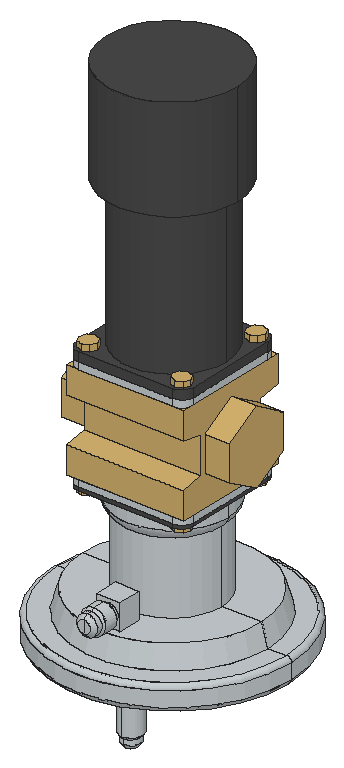
Revit family "AVDA_DN15-25_dP0.1-1.2bar_RFA_2", category Pipe Accessories, Revit 2019
Family settings
  Round Connector Dimension = Use Diameter
  Part Type = Valve - Breaks Into
  OmniClass Number = 23.65.55.14.17
  OmniClass Title = Adjusting/Controlling Valves for Liquid Services
  Work Plane-Based = No
  Always vertical = Yes
  Cut with Voids When Loaded = No
  Shared = No
Parameters (values of type "AVDA_DN15_dP0.1-1.2bar_003N0038")
  symbol circle diameter = 40 mm  # constant formula
  hexagon height = 31.4 mm
  hexagon angle = 120.00°  # constant formula
  hegaxon width = 28 mm
  Weight = 2.11 kg
  W = 102 mm  # constant formula
  Valve Body Material = Danfoss Brass
  URL = "https://store.danfoss.com/en/Climate-Solutions-for-heating/Pressure-and-Flow-Controllers/Safety-Pressure-Controllers/c/4123?q=%3Arelevance%3Adanfoss_producttypehierarchydesc%3Ae2a9a176b8a659bf011386233639c307335c1842&text="
  Pressure Drop [instance] = 0.0 Pa
  Nominal Pressure = "PN 10"  # constant formula
  Model Type = "AVDA_DN15_dP0.1-1.2bar"
  Model = "003N0038"
  Min Medium Temperature = "-25 °C"  # constant formula
  Max Medium Temperature = "130 °C"  # constant formula
  Max Differential Pressure = "7 bar"  # constant formula
  Manufacturer = "Danfoss"  # constant formula
  LOD 350 [instance] = not(LOD 200)  # yes
  LOD 200 [instance] = no
  L = 72 mm
  Kvs = 1.9 m³/h
  IfcExportType = "AVDA"  # constant formula
  IfcExportAs = "IfcValveType"  # constant formula
  H1 = 21.049 mm
  H = H1 + H1 + 96 mm + 114.5 mm  # 252.599 mm
  Flow [instance] = 0.0 m³/h
  Differential Pressure Setting Range = "0.1-1.2 bar"  # constant formula
  Description = "Differential Pressure Relief Controller"  # constant formula
  D = 15 mm
  Connection = "Internal Thread"  # constant formula
Types (4, lengths in mm): name | hexagon height | hegaxon width | Weight | Model Type | Model | L | Kvs | H1 | H | D
  (no name) | 31.4 | 28 | 2.11 kg | "AVDA_DN15_dP0.1-1.2bar" | "003N0038" | 72 | 1.9 m³/h | 21.049 | 252.599 | 15
  AVDA_DN15_dP0.1-1.2bar_003N0038 | 31.4 | 28 | 2.11 kg | "AVDA_DN15_dP0.1-1.2bar" | "003N0038" | 72 | 1.9 m³/h | 21.049 | 252.599 | 15
  AVDA_DN20_dP0.1-1.2bar_003N0039 | 36 | 31.4 | 2.18 kg | "AVDA_DN20_dP0.1-1.2bar" | "003N0039" | 90 | 3.4 m³/h | 21.049 | 252.599 | 20
  AVDA_DN25_dP0.1-1.2bar_003N0040 | 46.2 | 40 | 2.26 kg | "AVDA_DN25_dP0.1-1.2bar" | "003N0040" | 95 | 5.5 m³/h | 25.7 | 261.9 | 25
Reference planes
  plane 1 "Center (Front/Back)": y = 0
  plane 2: z = 0
  plane 3 "Center (Left/Right)": x = 0
  plane 4: x = -36
  plane 5: x = 36
  plane 6: z = 135.5
  plane 7: z = 91.549
  plane 8: x = -25
  plane 9: x = 25
  plane 10 "Sensor right": x = 65.5
  plane 11: z = 26.25
  plane 12: z = 21.049
  plane 13: z = 24.049
  plane 14: z = 27.849
  plane 15: z = 30.35
  plane 16: z = -21.049
  plane 17: z = -23.951
  plane 18: z = -25.451
  plane 19: z = -27.551
  plane 20: z = -90.778
  plane 21: z = -66.451
  plane 22: z = -75.451
  plane 23: z = -85.951
  plane 24: z = -35.488
  plane 25: z = -31.147
  plane 26: z = -98.268
  plane 27: x = -51
  plane 28: x = -32.39
  plane 29: x = -37.644
  plane 30: x = -38.152
  plane 31: x = -41
  plane 32: z = -117.049
  plane 33 "red sweep": z = -61.111
  plane 34 "Front_1": y = -34.2
  plane 35: y = -47.2
  plane 36: y = -22
Forms (mm)
  Extrusion 1, solid, material "Danfoss Brass" <- "Valve Body Material", visible <- "LOD 350", detail levels fine
    sketch origin (0, 0, 0) x (0, 1, 0) y (0, 0, 1)
      loop
        line (-14, 7.617) -> (-14, -7.617) -> (0, -15.7) -> (14, -7.617) -> (14, 7.617) -> (0, 15.7) -> (-14, 7.617)
    from 36 to -36
  Extrusion 2, solid, material "Danfoss Plastic Black", visible <- "LOD 350", detail levels fine
    sketch origin (0, 0, 0) x (1, 0, 0) y (0, 1, 0)
      loop
        circle (0, 0) r 28.018
    from 91.549 to 135.5
  Extrusion 3, solid, material "Danfoss Plastic Black", visible <- "LOD 350", detail levels fine
    sketch origin (0, 0, 0) x (1, 0, 0) y (0, 1, 0)
      loop
        circle (-0.033, 0.634) r 22.8
    from 27.849 to 91.549
  Extrusion 4, solid, material "Danfoss Steel (Zinc Plated)", visible <- "LOD 350", detail levels fine
    sketch origin (0, 0, 0) x (1, 0, 0) y (0, 1, 0)
      loop
        arc (-20, 25) -> (-23.536, 23.536) -> (-25, 20) r 5
        line (-25, 20) -> (-25, -20)
        arc (-25, -20) -> (-23.536, -23.536) -> (-20, -25) r 5
        line (-20, -25) -> (20, -25)
        arc (20, -25) -> (23.536, -23.536) -> (25, -20) r 5
        line (25, -20) -> (25, 20)
        arc (25, 20) -> (23.536, 23.536) -> (20, 25) r 5
        line (20, 25) -> (-20, 25)
    from 21.049 to 24.049
  Extrusion 5, solid, material "Danfoss Brass" <- "Valve Body Material", visible <- "LOD 350", detail levels fine
    sketch origin (0, 0, 0) x (0, 1, 0) y (0, 0, 1)
      loop
        line (-25, 21.049) -> (-25, 9.554) -> (-15.75, 7.923) -> (-15.75, -7.869) -> (-25.002, -9.5) -> (-25.002, -21.049) -> (25.002, -21.049) -> (25.002, -9.504) -> (15.75, -7.872) -> (15.75, 7.923) -> (25, 9.554) -> (25, 21.049) -> (-25, 21.049)
    from -25 to 25
  Extrusion 6, solid, material "Danfoss Steel (Zinc Plated)", visible <- "LOD 350", detail levels fine
    sketch origin (0, 0, 0) x (1, 0, 0) y (0, 1, 0)
      loop
        arc (-20, 25) -> (-23.536, 23.536) -> (-25, 20) r 5
        line (-25, 20) -> (-25, -20)
        arc (-25, -20) -> (-23.536, -23.536) -> (-20, -25) r 5
        line (-20, -25) -> (20, -25)
        arc (20, -25) -> (23.536, -23.536) -> (25, -20) r 5
        line (25, -20) -> (25, 20)
        arc (25, 20) -> (23.536, 23.536) -> (20, 25) r 5
        line (20, 25) -> (-20, 25)
    from -23.951 to -21.049
  Extrusion 7, solid, material "Danfoss Brass" <- "Valve Body Material", visible <- "LOD 350", detail levels fine
    sketch origin (0, 0, 0) x (1, 0, 0) y (0, 1, 0)
      loop
        line (22.759, -22.539) -> (23.743, -19.836) -> (22.527, -17.229) -> (19.823, -16.245) -> (17.216, -17.461) -> (16.232, -20.164) -> (17.448, -22.771) -> (20.151, -23.755) -> (22.759, -22.539)
      loop
        line (-17.241, -22.539) -> (-16.257, -19.836) -> (-17.473, -17.229) -> (-20.177, -16.245) -> (-22.784, -17.461) -> (-23.768, -20.164) -> (-22.552, -22.771) -> (-19.849, -23.755) -> (-17.241, -22.539)
      loop
        line (-17.241, 17.461) -> (-16.257, 20.164) -> (-17.473, 22.771) -> (-20.177, 23.755) -> (-22.784, 22.539) -> (-23.768, 19.836) -> (-22.552, 17.229) -> (-19.849, 16.245) -> (-17.241, 17.461)
      loop
        line (22.759, 17.461) -> (23.743, 20.164) -> (22.527, 22.771) -> (19.823, 23.755) -> (17.216, 22.539) -> (16.232, 19.836) -> (17.448, 17.229) -> (20.151, 16.245) -> (22.759, 17.461)
    from 27.849 to 30.35
  Extrusion 8, solid, material "Danfoss Plastic Black", visible <- "LOD 200", detail levels fine
    sketch origin (0, 0, 0) x (1, 0, 0) y (0, 1, 0)
      loop
        circle (0, 0) r 27.977
    from 26.55 to 135.5
  Extrusion 9, solid, material "Danfoss Brass" <- "Valve Body Material", visible <- "LOD 200", detail levels fine
    sketch origin (0, 0, 0) x (0, 1, 0) y (0, 0, 1)
      loop
        circle (0, 0) r 21.138
    from -36 to 36
  Extrusion 10, solid, material "Danfoss Steel (Zinc Plated)", visible <- "LOD 200", detail levels fine
    sketch origin (0, 0, 0) x (1, 0, 0) y (0, 1, 0)
      loop
        circle (0, 0) r 25
    from -66.451 to -20.95
  Extrusion 11, solid, material "Danfoss Brass" <- "Valve Body Material", visible <- "LOD 200", detail levels fine
    sketch origin (0, 0, 0) x (0, 1, 0) y (0, 0, 1)
      loop
        line (-24.851, 26.55) -> (-24.851, -20.95) -> (25, -20.95) -> (25, 26.55) -> (-24.851, 26.55)
    from -25 to 25
  Extrusion 12, solid, material "Danfoss Plastic Black", visible <- "LOD 350", detail levels fine
    sketch origin (0, 0, 0) x (1, 0, 0) y (0, 1, 0)
      loop
        arc (-20, 25) -> (-23.536, 23.536) -> (-25, 20) r 5
        line (-25, 20) -> (-25, -20)
        arc (-25, -20) -> (-23.536, -23.536) -> (-20, -25) r 5
        line (-20, -25) -> (20, -25)
        arc (20, -25) -> (23.536, -23.536) -> (25, -20) r 5
        line (25, -20) -> (25, 20)
        arc (25, 20) -> (23.536, 23.536) -> (20, 25) r 5
        line (20, 25) -> (-20, 25)
    from 24.049 to 27.849
  Extrusion 13, solid, material "Danfoss Brass" <- "Valve Body Material", visible <- "LOD 350", detail levels fine
    sketch origin (0, 0, 0) x (1, 0, 0) y (0, 1, 0)
      loop
        line (22.759, -22.539) -> (23.743, -19.836) -> (22.527, -17.229) -> (19.823, -16.245) -> (17.216, -17.461) -> (16.232, -20.164) -> (17.448, -22.771) -> (20.151, -23.755) -> (22.759, -22.539)
      loop
        line (-17.241, -22.539) -> (-16.257, -19.836) -> (-17.473, -17.229) -> (-20.177, -16.245) -> (-22.784, -17.461) -> (-23.768, -20.164) -> (-22.552, -22.771) -> (-19.849, -23.755) -> (-17.241, -22.539)
      loop
        line (-17.241, 17.461) -> (-16.257, 20.164) -> (-17.473, 22.771) -> (-20.177, 23.755) -> (-22.784, 22.539) -> (-23.768, 19.836) -> (-22.552, 17.229) -> (-19.849, 16.245) -> (-17.241, 17.461)
      loop
        line (22.759, 17.461) -> (23.743, 20.164) -> (22.527, 22.771) -> (19.823, 23.755) -> (17.216, 22.539) -> (16.232, 19.836) -> (17.448, 17.229) -> (20.151, 16.245) -> (22.759, 17.461)
    from -27.551 to -25.451
  Extrusion 14, solid, material "Danfoss Plastic Black", visible <- "LOD 350", detail levels fine
    sketch origin (0, 0, 0) x (1, 0, 0) y (0, 1, 0)
      loop
        arc (-20, 25) -> (-23.536, 23.536) -> (-25, 20) r 5
        line (-25, 20) -> (-25, -20)
        arc (-25, -20) -> (-23.536, -23.536) -> (-20, -25) r 5
        line (-20, -25) -> (20, -25)
        arc (20, -25) -> (23.536, -23.536) -> (25, -20) r 5
        line (25, -20) -> (25, 20)
        arc (25, 20) -> (23.536, 23.536) -> (20, 25) r 5
        line (20, 25) -> (-20, 25)
    from -25.451 to -23.951
  Extrusion 15, solid, material "Danfoss Steel (Zinc Plated)", visible <- "LOD 350", detail levels fine
    sketch origin (0, 0, 0) x (1, 0, 0) y (0, 1, 0)
      loop
        circle (0, 0) r 24
    from -25.451 to -31.147
  Extrusion 16, solid, material "Danfoss Steel (Zinc Plated)", visible <- "LOD 200", detail levels fine
    sketch origin (0, 0, 0) x (1, 0, 0) y (0, 1, 0)
      loop
        circle (0, 0) r 24
    from -25.451 to -66.451
  Extrusion 17, solid, material "Danfoss Steel (Zinc Plated)", visible <- "LOD 350", detail levels fine
    sketch origin (0, 0, 0) x (1, 0, 0) y (0, 1, 0)
      loop
        circle (0, 0) r 21
    from -35.488 to -66.451
  Extrusion 18, solid, material "Danfoss Steel (Zinc Plated)", visible <- "LOD 350", detail levels fine
    sketch origin (0, 0, 0) x (1, 0, 0) y (0, 1, 0)
      loop
        line (4.041, -29) -> (8.083, -22) -> (4.041, -15) -> (-4.041, -15) -> (-8.083, -22) -> (-4.041, -29) -> (4.041, -29)
    from -98.268 to -90.778
  Revolve 19, solid, material "Danfoss Steel (Zinc Plated)", visible <- "LOD 350", detail levels fine
    sketch origin (0, 0, 0) x (1, 0, 0) y (0, 0, 1)
      loop
        line (0, -35.488) -> (0, -31.147) -> (-24, -31.147)
        arc (-24, -31.147) -> (-22.927, -33.613) -> (-21, -35.488) r 6.959
        line (-21, -35.488) -> (0, -35.488)
      axis (0, -31.147) -> (0, -35.488)
    angle from 0 to 360
  Revolve 20, solid, material "Danfoss Steel (Zinc Plated)", visible <- "LOD 350", detail levels fine
    sketch origin (0, 0, 0) x (1, 0, 0) y (0, 0, 1)
      loop
        line (0, -66.451) -> (-38.152, -66.451) -> (-41, -75.451) -> (-48.971, -75.451)
        arc (-48.971, -75.451) -> (-50.406, -76.045) -> (-51, -77.479) r 2.029
        line (-51, -77.479) -> (-51, -84.065) -> (-49.775, -85.951) -> (-37.644, -85.951) -> (-32.39, -90.778) -> (0, -90.778) -> (0, -66.451)
      axis (0, -66.451) -> (0, -90.778)
    angle from 0 to 360
  Sweep 21, solid, material "Danfoss Steel (Zinc Plated)", detail levels fine
    path origin (0, 0, 0) x (0, 1, 0) y (0, 0, 1)
      loop
        line (-34.2, -61.111) -> (-24.2, -61.111)
    profile origin (0, -29.2, -61.111) x (0, 0, 1) y (1, 0, 0)
      loop
        line (-10, 5) -> (-10, -5) -> (5.5, -5) -> (5.5, 5) -> (-10, 5)
  Revolve 22, solid, material "Danfoss Steel (Zinc Plated)", visible <- "LOD 200", detail levels fine
    sketch origin (0, 0, 0) x (1, 0, 0) y (0, 0, 1)
      loop
        line (0, -66.451) -> (-38.152, -66.451) -> (-38.152, -75.451) -> (-51, -75.451) -> (-51, -85.951) -> (-37.644, -85.951) -> (-37.644, -90.778) -> (0, -90.778) -> (0, -66.451)
      axis (0, -66.451) -> (0, -90.778)
    angle from 0 to 360
  Revolve 23, solid, material "Danfoss Steel (Zinc Plated)", visible <- "LOD 350", detail levels fine
    sketch origin (0, 0, 0) x (0, 1, 0) y (0, 0, 1)
      loop
        line (-22, -98.268) -> (-26.808, -98.268) -> (-26.808, -111.999) -> (-25.899, -113.049) -> (-25.899, -115.349) -> (-24.707, -117.049) -> (-22, -117.049) -> (-22, -98.268)
      axis (-22, -98.268) -> (-22, -117.049)
    angle from 0 to 360
  Revolve 24, solid, material "Danfoss Steel (Zinc Plated)", visible <- "LOD 350", detail levels fine
    sketch origin (0, 0, 0) x (0, 1, 0) y (0, 0, 1)
      loop
        line (-34.2, -61.111) -> (-34.2, -57.206) -> (-35.166, -57.206) -> (-36.714, -55.693) -> (-42.152, -55.693) -> (-43.202, -56.718) -> (-45.502, -56.718) -> (-47.2, -58.312) -> (-47.2, -61.111) -> (-34.2, -61.111)
      axis (-47.2, -61.111) -> (-34.2, -61.111)
    angle from 0 to 360
  Extrusion 25, solid, material "Danfoss Steel (Zinc Plated)", visible <- "LOD 200", detail levels fine
    sketch origin (0, 0, 0) x (1, 0, 0) y (0, 0, 1)
      loop
        circle (0, -61.111) r 5.5
    from 34.2 to 47.2
  Extrusion 26, solid, material "Danfoss Steel (Zinc Plated)", visible <- "LOD 200", detail levels fine
    sketch origin (0, 0, 0) x (1, 0, 0) y (0, 1, 0)
      loop
        circle (-0.033, -22.166) r 7.5
    from -117.049 to -90.778
Dimensions and locks
  "L": plane 5 to plane 4
  equal spacing: plane 5, plane 3 "Center (Left/Right)", plane 4
  locked: plane 6 to plane 7 at 43.951
  locked: plane 3 "Center (Left/Right)" to plane 8 at 25
  locked: plane 3 "Center (Left/Right)" to plane 10 "Sensor right" at 65.5
  equal spacing: Extrusion 5, plane 1 "Center (Front/Back)", Extrusion 5
  Extrusion 5 to Extrusion 5 = 31.5 mm
  equal spacing: Extrusion 1 sketch curve, plane 1 "Center (Front/Back)", Extrusion 1 sketch curve
  "hegaxon width": Extrusion 1 sketch curve to Extrusion 1 sketch curve
  equal spacing: Extrusion 1 sketch curve, level, Extrusion 1 sketch curve
  "hexagon height": Extrusion 1 sketch curve to Extrusion 1 sketch curve
  "H1": plane 12 to level
  locked: plane 13 to plane 12 at 3
  locked: plane 14 to plane 13 at 3.8
  locked: plane 15 to plane 14 at 2.501
  "H1": level to plane 16
  locked: plane 16 to plane 17 at 2.901
  locked: plane 17 to plane 18 at 1.5
  locked: plane 18 to plane 19 at 2.1
  plane 21 to plane 22 to plane 23 to plane 20 = 9 mm locked, 10.5 mm locked, 4.827 mm locked
  locked: plane 19 to plane 25 at 3.596
  locked: plane 25 to plane 24 at 4.341
  locked: plane 24 to plane 21 at 30.963
  locked: plane 20 to plane 26 at 7.49
  plane 3 "Center (Left/Right)" to plane 27 = 51 mm
  locked: plane 3 "Center (Left/Right)" to plane 29 at 37.644
  locked: plane 3 "Center (Left/Right)" to plane 28 at 32.39
  locked: plane 31 to plane 3 "Center (Left/Right)" at 41
  locked: plane 30 to plane 3 "Center (Left/Right)" at 38.152
  plane 35 to plane 34 "Front_1" to plane 1 "Center (Front/Back)" = 13 mm locked, 34.2 mm locked
  locked: plane 34 "Front_1" to Sweep 21 sketch curve at 10
  locked: plane 36 to plane 1 "Center (Front/Back)" at 22
  locked: plane 7 to plane 15 at 61.199
  plane 16 to plane 32 = 96 mm
  radius of Extrusion 26 sketch curve = 7.5 mm
  "hexagon angle": angle Extrusion 5 to Extrusion 1 sketch curve
  "hexagon angle": angle Extrusion 1 sketch curve to Extrusion 5
  "hexagon angle": angle Extrusion 1 sketch curve to Extrusion 1 sketch curve  (x2)
  angle Extrusion 1 sketch curve to Extrusion 1 sketch curve = 120.00°
  aligned and locked: level to plane 2
  aligned and locked: plane 5 to Extrusion 1
  aligned and locked: Extrusion 1 to plane 4
  aligned and locked: plane 6 to Extrusion 2
  aligned and locked: Extrusion 2 to plane 7
  aligned and locked: plane 7 to Extrusion 3
  aligned and locked: plane 6 to Extrusion 8
  aligned and locked: plane 5 to Extrusion 9
  aligned and locked: Extrusion 9 to plane 4
  aligned and locked: Extrusion 11 to plane 8
  aligned and locked: plane 9 to Extrusion 11
  aligned and locked: Extrusion 4 to plane 12
  aligned and locked: plane 13 to Extrusion 4
  aligned and locked: Extrusion 7 to plane 14
  aligned and locked: plane 15 to Extrusion 7
  aligned and locked: Extrusion 12 to plane 13
  aligned and locked: plane 14 to Extrusion 12
  aligned and locked: Extrusion 13 to plane 19
  aligned and locked: plane 18 to Extrusion 13
  aligned and locked: plane 16 to Extrusion 6
  aligned and locked: Extrusion 6 to plane 17
  aligned and locked: Extrusion 14 to plane 18
  aligned and locked: plane 17 to Extrusion 14
  aligned and locked: Extrusion 5 to plane 16
  aligned and locked: plane 12 to Extrusion 5
  aligned and locked: Extrusion 3 to plane 14
  aligned and locked: Extrusion 15 to plane 25
  aligned and locked: plane 18 to Extrusion 15
  aligned and locked: plane 21 to Extrusion 16
  aligned and locked: plane 18 to Extrusion 16
  aligned and locked: Extrusion 17 to plane 24
  aligned and locked: plane 21 to Extrusion 17
  aligned and locked: plane 26 to Extrusion 18
  aligned and locked: Extrusion 18 to plane 20
  aligned and locked: plane 3 "Center (Left/Right)" to Revolve 19 sketch curve
  aligned and locked: plane 25 to Revolve 19 sketch curve
  aligned and locked: plane 24 to Revolve 19 sketch curve
  aligned and locked: Revolve 19 sketch curve to Revolve 19 sketch curve  (x2)
  aligned and locked: plane 21 to Revolve 20 sketch curve
  aligned and locked: plane 20 to Revolve 20 sketch curve
  aligned and locked: plane 27 to Revolve 20 sketch curve
  aligned and locked: plane 28 to Revolve 20 sketch curve
  aligned and locked: plane 29 to Revolve 20 sketch curve
  aligned and locked: plane 30 to Revolve 20 sketch curve
  aligned and locked: plane 31 to Revolve 20 sketch curve
  aligned and locked: plane 21 to Extrusion 10
  aligned and locked: plane 34 "Front_1" to Sweep 21 sketch curve
  aligned and locked: plane 21 to Revolve 22 sketch curve
  aligned and locked: plane 20 to Revolve 22 sketch curve
  aligned and locked: Revolve 22 sketch curve to plane 27
  aligned and locked: plane 30 to Revolve 22 sketch curve
  aligned and locked: Revolve 22 sketch curve to plane 29
  aligned and locked: Revolve 23 sketch curve to plane 36
  aligned and locked: Revolve 23 sketch curve to plane 32
  aligned and locked: Revolve 23 sketch curve to plane 26
  aligned and locked: Revolve 23 sketch curve to Revolve 23 sketch curve  (x2)
  aligned and locked: Revolve 24 sketch curve to plane 33 "red sweep"
  aligned and locked: Revolve 24 sketch curve to plane 34 "Front_1"
  aligned and locked: Revolve 24 sketch curve to plane 35
  aligned and locked: Revolve 24 sketch curve to Revolve 24 sketch curve  (x2)
  aligned and locked: Extrusion 25 to plane 34 "Front_1"
  aligned and locked: plane 35 to Extrusion 25
  aligned and locked: plane 32 to Extrusion 26
  aligned and locked: Extrusion 26 to plane 20
Automatic sketch dimensions
  plane 1 "Center (Front/Back)" to Extrusion 2 sketch curve = 0 mm
  Extrusion 2 sketch curve to plane 3 "Center (Left/Right)" = 0 mm
  Extrusion 3 sketch curve to plane 3 "Center (Left/Right)" = 0.033 mm
  Extrusion 3 sketch curve to plane 1 "Center (Front/Back)" = 0.634 mm
  plane 1 "Center (Front/Back)" to Extrusion 8 sketch curve = 0 mm
  Extrusion 8 sketch curve to plane 3 "Center (Left/Right)" = 0 mm
  Extrusion 9 sketch curve to level = 0 mm
  Extrusion 9 sketch curve to plane 1 "Center (Front/Back)" = 0 mm
  plane 1 "Center (Front/Back)" to Extrusion 10 sketch curve = 0 mm
  Extrusion 10 sketch curve to plane 3 "Center (Left/Right)" = 0 mm
  Extrusion 4 sketch curve to plane 8 = 0 mm
  Extrusion 4 sketch curve to plane 9 = 0 mm
  plane 8 to Extrusion 4 sketch curve = 5 mm  (x2)
  Extrusion 4 sketch curve to plane 9 = 5 mm
  Extrusion 4 sketch curve to Extrusion 4 sketch curve = 5 mm
  Extrusion 4 sketch curve to plane 1 "Center (Front/Back)" = 20 mm
  Extrusion 5 sketch curve to level = 9.5 mm
  Extrusion 5 sketch curve to Extrusion 5 sketch curve = 0.002 mm
  Extrusion 5 sketch curve to Extrusion 5 sketch curve = 9.25 mm  (x2)
  Extrusion 5 sketch curve to plane 1 "Center (Front/Back)" = 15.75 mm
  level to Extrusion 5 sketch curve = 9.554 mm
  Extrusion 5 sketch curve to Extrusion 5 sketch curve = 9.252 mm
  Extrusion 5 sketch curve to level = 9.504 mm
  Extrusion 5 sketch curve to level = 7.872 mm
  Extrusion 5 sketch curve to level = 7.869 mm
  level to Extrusion 5 sketch curve = 7.923 mm  (x2)
  Extrusion 5 sketch curve to Extrusion 5 sketch curve = 1.631 mm
  Extrusion 6 sketch curve to plane 8 = 0 mm
  Extrusion 6 sketch curve to plane 9 = 0 mm
  plane 8 to Extrusion 6 sketch curve = 5 mm  (x2)
  Extrusion 6 sketch curve to plane 9 = 5 mm
  Extrusion 6 sketch curve to Extrusion 6 sketch curve = 5 mm
  Extrusion 6 sketch curve to plane 1 "Center (Front/Back)" = 20 mm
  Extrusion 11 sketch curve to plane 1 "Center (Front/Back)" = 25 mm
  Extrusion 5 sketch curve to plane 12 = 0 mm
  Extrusion 11 sketch curve to plane 11 = 0.3 mm
  Extrusion 5 sketch curve to Extrusion 5 sketch curve = 11.549 mm
  Extrusion 11 sketch curve to level = 20.95 mm
  plane 8 to Extrusion 7 sketch curve = 1.232 mm  (x2)
  plane 8 to Extrusion 7 sketch curve = 2.216 mm  (x2)
  plane 8 to Extrusion 7 sketch curve = 2.448 mm  (x2)
  Extrusion 7 sketch curve to Extrusion 7 sketch curve = 2.607 mm  (x14)
  Extrusion 7 sketch curve to Extrusion 7 sketch curve = 2.703 mm  (x14)
  Extrusion 7 sketch curve to Extrusion 7 sketch curve = 1.216 mm  (x12)
  Extrusion 7 sketch curve to plane 9 = 8.768 mm  (x2)
  Extrusion 7 sketch curve to Extrusion 7 sketch curve = 0.984 mm  (x6)
  Extrusion 7 sketch curve to plane 9 = 2.473 mm  (x2)
  Extrusion 7 sketch curve to plane 9 = 2.241 mm  (x2)
  Extrusion 7 sketch curve to plane 9 = 1.257 mm  (x2)
  Extrusion 7 sketch curve to plane 1 "Center (Front/Back)" = 16.245 mm  (x2)
  Extrusion 12 sketch curve to plane 8 = 0 mm
  Extrusion 12 sketch curve to plane 9 = 0 mm
  plane 8 to Extrusion 12 sketch curve = 5 mm  (x2)
  Extrusion 12 sketch curve to plane 9 = 5 mm
  Extrusion 12 sketch curve to Extrusion 12 sketch curve = 5 mm
  Extrusion 12 sketch curve to plane 1 "Center (Front/Back)" = 20 mm
  plane 8 to Extrusion 13 sketch curve = 1.232 mm  (x2)
  plane 8 to Extrusion 13 sketch curve = 2.216 mm  (x2)
  plane 8 to Extrusion 13 sketch curve = 2.448 mm  (x2)
  Extrusion 13 sketch curve to Extrusion 13 sketch curve = 2.607 mm  (x14)
  Extrusion 13 sketch curve to Extrusion 13 sketch curve = 2.703 mm  (x14)
  Extrusion 13 sketch curve to Extrusion 13 sketch curve = 1.216 mm  (x12)
  Extrusion 13 sketch curve to plane 9 = 8.768 mm  (x2)
  Extrusion 13 sketch curve to Extrusion 13 sketch curve = 0.984 mm  (x6)
  Extrusion 13 sketch curve to plane 9 = 2.473 mm  (x2)
  Extrusion 13 sketch curve to plane 9 = 2.241 mm  (x2)
  Extrusion 13 sketch curve to plane 9 = 1.257 mm  (x2)
  Extrusion 13 sketch curve to plane 1 "Center (Front/Back)" = 16.245 mm  (x2)
  Extrusion 14 sketch curve to plane 8 = 0 mm
  Extrusion 14 sketch curve to plane 9 = 0 mm
  plane 8 to Extrusion 14 sketch curve = 5 mm  (x2)
  Extrusion 14 sketch curve to plane 9 = 5 mm
  Extrusion 14 sketch curve to Extrusion 14 sketch curve = 5 mm
  Extrusion 14 sketch curve to plane 1 "Center (Front/Back)" = 20 mm
  plane 1 "Center (Front/Back)" to Extrusion 15 sketch curve = 0 mm
  Extrusion 15 sketch curve to plane 3 "Center (Left/Right)" = 0 mm
  plane 1 "Center (Front/Back)" to Extrusion 16 sketch curve = 0 mm
  Extrusion 16 sketch curve to plane 3 "Center (Left/Right)" = 0 mm
  plane 1 "Center (Front/Back)" to Extrusion 17 sketch curve = 0 mm
  Extrusion 17 sketch curve to plane 3 "Center (Left/Right)" = 0 mm
  plane 3 "Center (Left/Right)" to Extrusion 18 sketch curve = 4.041 mm  (x2)
  Extrusion 18 sketch curve to plane 3 "Center (Left/Right)" = 4.041 mm  (x2)
  plane 3 "Center (Left/Right)" to Extrusion 18 sketch curve = 8.083 mm
  Extrusion 18 sketch curve to Extrusion 18 sketch curve = 7 mm  (x3)
  Extrusion 18 sketch curve to Extrusion 18 sketch curve = 4.041 mm
  Revolve 19 sketch curve to plane 24 = 0 mm
  Revolve 19 sketch curve to plane 25 = 1.49 mm
  plane 8 to Revolve 19 sketch curve = 7.797 mm
  plane 8 to Revolve 19 sketch curve = 4 mm
  Revolve 20 sketch curve to plane 23 = 0 mm
  Revolve 20 sketch curve to plane 22 = 0 mm
  Revolve 20 sketch curve to plane 3 "Center (Left/Right)" = 0 mm  (x2)
  Revolve 20 sketch curve to plane 20 = 0 mm
  Revolve 20 sketch curve to plane 21 = 0 mm
  plane 27 to Revolve 20 sketch curve = 1.225 mm
  plane 22 to Revolve 20 sketch curve = 2.029 mm
  Revolve 20 sketch curve to plane 23 = 1.886 mm
  Extrusion 4 sketch curve to plane 34 "Front_1" = 14.2 mm
  plane 1 "Center (Front/Back)" to Extrusion 5 sketch curve = 15.75 mm
  Extrusion 6 sketch curve to plane 34 "Front_1" = 14.2 mm
  plane 1 "Center (Front/Back)" to Extrusion 7 sketch curve = 16.245 mm  (x2)
  Extrusion 11 sketch curve to plane 34 "Front_1" = 9.349 mm
  Extrusion 12 sketch curve to plane 34 "Front_1" = 14.2 mm
  plane 1 "Center (Front/Back)" to Extrusion 13 sketch curve = 16.245 mm  (x2)
  Extrusion 14 sketch curve to plane 34 "Front_1" = 14.2 mm
  Extrusion 18 sketch curve to plane 34 "Front_1" = 5.2 mm
  Sweep 21 sketch curve to profile plane = 5.5 mm
  Sweep 21 sketch curve to plane 3 "Center (Left/Right)" = 5 mm
  plane 3 "Center (Left/Right)" to Sweep 21 sketch curve = 5 mm
  profile plane to Sweep 21 sketch curve = 10 mm
  plane 33 "red sweep" to Sweep 21 sketch curve = 0 mm
  Revolve 22 sketch curve to plane 3 "Center (Left/Right)" = 0 mm  (x2)
  Revolve 22 sketch curve to plane 20 = 0 mm
  Revolve 22 sketch curve to plane 23 = 0 mm
  Revolve 22 sketch curve to plane 22 = 0 mm
  Revolve 22 sketch curve to plane 21 = 0 mm
  plane 32 to Revolve 23 sketch curve = 0 mm
  Revolve 23 sketch curve to Revolve 23 sketch curve = 2.707 mm
  Revolve 23 sketch curve to Revolve 23 sketch curve = 1.192 mm
  Revolve 23 sketch curve to Revolve 23 sketch curve = 4.808 mm
  Revolve 23 sketch curve to plane 32 = 1.7 mm
  Revolve 23 sketch curve to Revolve 23 sketch curve = 2.3 mm
  Revolve 23 sketch curve to Revolve 23 sketch curve = 1.05 mm
  Revolve 24 sketch curve to plane 34 "Front_1" = 0 mm
  Revolve 24 sketch curve to plane 35 = 1.698 mm
  Revolve 24 sketch curve to Revolve 24 sketch curve = 2.3 mm
  Revolve 24 sketch curve to Revolve 24 sketch curve = 1.05 mm
  plane 34 "Front_1" to Revolve 24 sketch curve = 2.514 mm
  plane 34 "Front_1" to Revolve 24 sketch curve = 0.966 mm
  Revolve 24 sketch curve to plane 33 "red sweep" = 2.799 mm
  Revolve 24 sketch curve to plane 33 "red sweep" = 3.906 mm
  Revolve 24 sketch curve to Revolve 24 sketch curve = 0 mm
  Revolve 24 sketch curve to Revolve 24 sketch curve = 1.594 mm
  Revolve 24 sketch curve to Revolve 24 sketch curve = 1.025 mm
  Extrusion 25 sketch curve to plane 3 "Center (Left/Right)" = 0 mm
  Extrusion 25 sketch curve to plane 33 "red sweep" = 0 mm
  Extrusion 26 sketch curve to plane 3 "Center (Left/Right)" = 0.033 mm
  Extrusion 26 sketch curve to plane 34 "Front_1" = 12.034 mm
  Extrusion 1 sketch curve to plane 1 "Center (Front/Back)" = 0 mm  (x2)
  radius of Extrusion 2 sketch curve = 28.018 mm
  radius of Extrusion 3 sketch curve = 22.8 mm
  radius of Extrusion 8 sketch curve = 27.977 mm
  radius of Extrusion 9 sketch curve = 21.138 mm
  radius of Extrusion 10 sketch curve = 25 mm
  radius of Extrusion 15 sketch curve = 24 mm
  radius of Extrusion 16 sketch curve = 24 mm
  radius of Extrusion 17 sketch curve = 21 mm
  radius of Extrusion 25 sketch curve = 5.5 mm
Nested families
  nested 1: "AVDA Symbol" at (0, 0, 0), length <- "L", connector diameter <- "hexagon height", type "AVDA Symbol", detail levels coarse+medium
    with length 72 mm, connector diameter 31.4 mm
Connectors
  piping at (-36, 0, 0), diameter 15, driven by "D", driven by "Flow"
    settings: on Extrusion 1, index 1, connector inside diameter 609.6 mm, connector length 0 mm, flow factor 0, pipe flow 0.0 m³/h, pressure drop 0.0 Pa, fitting loss kfactor 0, connector angle 0.00°, fixture units 0, engagement length 0 mm, angle of deflection 0.00°, flow configuration 0, flow direction 0, fitting loss method 0, system type 29, joint type 0, gender type 0, connector reference index 2, connector utility 0, adjustable connector no, is connector primary yes, connector description ""
  piping at (36, 0, 0), diameter 15, driven by "D", driven by "Flow"
    settings: on Extrusion 1, index 2, connector inside diameter 609.6 mm, connector length 0 mm, flow factor 0, pipe flow 0.0 m³/h, pressure drop 0.0 Pa, fitting loss kfactor 0, connector angle 0.00°, fixture units 0, engagement length 0 mm, angle of deflection 0.00°, flow configuration 0, flow direction 0, fitting loss method 0, system type 29, joint type 0, gender type 0, connector reference index 1, connector utility 0, adjustable connector no, is connector primary no, connector description ""
Definition of nested family "AVDA Symbol"
  Parameters (values of type "AVDA Symbol")
    length [instance] = 90 mm
    connector diameter [instance] = 130 mm
  Reference planes
    plane 1 "Center (Front/Back)": y = 0
    plane 2: z = 0
    plane 3 "Center (Left/Right)": x = 0
    plane 4: x = -45
    plane 5: x = 45
    plane 6: y = -65
    plane 7: y = 65
    plane 8: z = 65
    plane 9: z = -65
    plane 10: y = -90
    plane 11: y = -52.5
    plane 12: y = -72.5
    plane 13: z = -90
    plane 14: z = -52
    plane 15: z = -72
  Lines and regions (mm)
    symbolic lines
      curve 1: line (-45, 65, 0) -> (45, -65, 0)
      curve 2: line (45, -65, 0) -> (45, 65, 0)
      curve 3: line (45, 65, 0) -> (-45, -65, 0)
      curve 4: line (-45, -65, 0) -> (-45, 65, 0)
      curve 9: line (-45, -72.5, 0) -> (45, -72.5, 0)
      curve 10: line (0, 0, 0) -> (0, -52.5, 0)
      curve 14: spline (-45, -72.5, 0) -> (-43.467, -67.324, 0) -> (-38.971, -62.5, 0) -> (-31.82, -58.358, 0) -> (-22.5, -55.179, 0) -> (-11.647, -53.181, 0) -> (0, -52.5, 0) -> (11.647, -53.181, 0) -> (22.5, -55.179, 0) -> (31.82, -58.358, 0) -> (38.971, -62.5, 0) -> (43.467, -67.324, 0) -> (45, -72.5, 0) -> (43.467, -77.676, 0) -> (38.971, -82.5, 0) -> (31.82, -86.642, 0) -> (22.5, -89.821, 0) -> (11.647, -91.819, 0) -> (0, -92.5, 0) -> (-11.647, -91.819, 0) -> (-22.5, -89.821, 0) -> (-31.82, -86.642, 0) -> (-38.971, -82.5, 0) -> (-43.467, -77.676, 0) -> (-45, -72.5, 0)
    model lines
      curve 5: line (-45, 0, 65) -> (-45, 0, -65)
      curve 6: line (-45, 0, -65) -> (45, 0, 65)
      curve 7: line (45, 0, 65) -> (45, 0, -65)
      curve 8: line (45, 0, -65) -> (-45, 0, 65)
      curve 11: line (0, 0, 0) -> (0, 0, -52)
      curve 12: line (-45, 0, -72) -> (45, 0, -72)
      curve 13: spline (-45, 0, -72) -> (-43.467, 0, -66.824) -> (-38.971, 0, -62) -> (-31.82, 0, -57.858) -> (-22.5, 0, -54.679) -> (-11.647, 0, -52.681) -> (0, 0, -52) -> (11.647, 0, -52.681) -> (22.5, 0, -54.679) -> (31.82, 0, -57.858) -> (38.971, 0, -62) -> (43.467, 0, -66.824) -> (45, 0, -72) -> (43.467, 0, -77.176) -> (38.971, 0, -82) -> (31.82, 0, -86.142) -> (22.5, 0, -89.321) -> (11.647, 0, -91.319) -> (0, 0, -92) -> (-11.647, 0, -91.319) -> (-22.5, 0, -89.321) -> (-31.82, 0, -86.142) -> (-38.971, 0, -82) -> (-43.467, 0, -77.176) -> (-45, 0, -72)
  Dimensions and locks
    equal spacing: plane 4, plane 3 "Center (Left/Right)", plane 5
    "length": plane 4 to plane 5
    equal spacing: plane 7, plane 1 "Center (Front/Back)", plane 6
    "connector diameter": plane 7 to plane 6
    equal spacing: plane 8, level, plane 9
    "connector diameter": plane 8 to plane 9
    "length": plane 10 to plane 1 "Center (Front/Back)"
    "length": level to plane 13
    locked: plane 12 to plane 10 at 17.5
    locked: plane 11 to plane 12 at 20
    plane 14 to plane 15 to plane 13 = 20 mm locked, 18 mm locked
    aligned and locked: level to plane 2
    aligned and locked: plane 7 to curve 4
    aligned and locked: plane 7 to curve 2
    aligned and locked: plane 6 to curve 2
    aligned and locked: plane 6 to curve 4
    aligned and locked: plane 8 to curve 7
    aligned and locked: plane 8 to curve 5
    aligned and locked: plane 9 to curve 7
    aligned and locked: plane 9 to curve 5
    aligned and locked: plane 11 to curve 10
  Automatic sketch dimensions
    curve 1 to plane 4 = 0 mm
    curve 10 to plane 3 "Center (Left/Right)" = 0 mm
    curve 14 to plane 3 "Center (Left/Right)" = 0 mm
    curve 9 to plane 5 = 0 mm
    curve 1 to plane 5 = 0 mm
    curve 14 to plane 12 = 0 mm
    curve 9 to plane 12 = 0 mm
    curve 5 to plane 4 = 0 mm
    curve 12 to plane 4 = 0 mm
    curve 13 to plane 3 "Center (Left/Right)" = 0 mm
    curve 11 to plane 3 "Center (Left/Right)" = 0 mm
    curve 6 to plane 5 = 0 mm
    curve 13 to plane 15 = 0 mm
    curve 12 to plane 15 = 0 mm
    curve 11 to plane 14 = 0 mm
